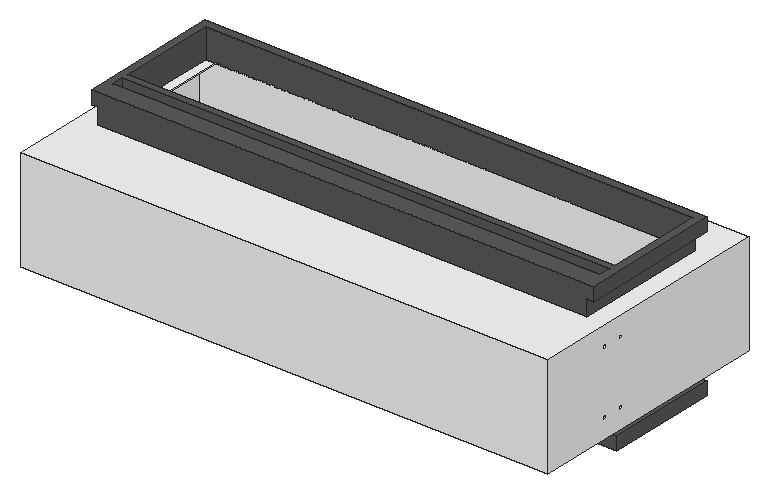
Revit family "C Series - C820STIO - Front Intake", category Generic Models, host Face, Revit 2019
Family settings
  Host = Face
  Can host rebar = No
  Round Connector Dimension = Use Diameter
  Part Type = Normal
  Cut with Voids When Loaded = Yes
  Shared = Yes
  Room Calculation Point = No
Parameters (values of type "As Specified")
  URL = "https://www.montigo.com/"
  Top Offset Right = 0"
  Top Offset Left = 0"
  Manufacturer Website = "https://www.montigo.com/"
  Manufacturer Phone - Toll Free = "800-378-3115"
  Manufacturer Phone = ""
  Manufacturer Fax = ""
  Manufacturer Address = "27342 Gloucester Way  Langley, BC, Canada   V4W 4A1"
  Manufacturer = "Montigo"
  Length = 108 3/16"
  Intake Duct Offset = 6"
  Height = 51 113/256"
  HVAC_Exit Diameter = 8"
  HVAC_Entry Diameter = 7"
  HVAC_BTU Output = 0.0 Btu/h
  HVAC_BTU Input = 0.0 Btu/h
  Glazing Tint = Glass - Montigo - Tint as Specified
  Frame Material = Metal - Montigo - Black
  Firebox Material = Metal - Montigo - White
  Fire Place Opening Length = 43"
  Fire Place Opening = 29"
  Description = "Montigo Fireplace as Specified"
  Depth = 20 225/256"
  Default Elevation = 48"
  COOLPack Consumption = 1200 CFM
  Base Offset Right = 9"
  Base Offset Left = 9"
  Base Offset = 1"
  Base Height = 15"
  Assembly Code = "D3020"
Reference planes (in)
  plane 1 "Center (Front/Back)": y = 0
  plane 2: z = 0
  plane 3 "Center (Left/Right)": x = 0
  plane 4: x = -54.09375
  plane 5: x = 54.09375
  plane 6: y = 25.7207
  plane 7: y = -25.7207
  plane 8: y = -10.7207
  plane 9: z = 0
  plane 10: z = -20.87891
  plane 11: z = -10.43945
  plane 12: x = -51.5
  plane 13: x = 51.5
  plane 14: y = 18.2793
Forms (in)
  Extrusion 1, solid, material "Metal - Montigo - White" <- "Firebox Material"
    sketch origin (-60.41868, -180, 0) x (-1, 0, 0) y (0, -1, 0)
      loop
        line (-6.32493, -205.7207) -> (-6.32493, -154.2793) -> (-114.51243, -154.2793) -> (-114.51243, -205.7207) -> (-6.32493, -205.7207)
    from 0 to -20.87891
  Extrusion 2, solid, material "Metal - Montigo - Black" <- "Frame Material"
    sketch origin (-60.41868, -180, 0) x (-1, 0, 0) y (0, -1, 0)
      loop
        line (-8.91868, -198.2793) -> (-8.91868, -169.2793) -> (-111.91868, -169.2793) -> (-111.91868, -198.2793) -> (-8.91868, -198.2793)
    from 0 to 6
  Sweep 3, void
    path in 3D
      loop
        line (51.5, -10.7207, 6) -> (51.5, 18.2793, 6) -> (-51.5, 18.2793, 6) -> (-51.5, -10.7207, 6)
    profile origin (51.5, 3.7793, 6) x (-1, 0, 0) y (0, 0, 1)
      loop
        line (0, -6) -> (1.375, -6) -> (1.375, -2.75) -> (0, -2.75) -> (0, -6)
  Extrusion 4, void
    sketch origin (-60.41868, -180, 0) x (0, -1, 0) y (-1, 0, 0)
      loop
        line (-196.7168, -8.91868) -> (-196.7168, -111.91868) -> (-176.7168, -111.91868) -> (-176.7168, -8.91868) -> (-196.7168, -8.91868)
    from 0.125 to 20.75
  Extrusion 5, void
    sketch origin (-60.41868, -180, 0) x (0, -1, 0) y (-1, 0, 0)
      loop
        line (-196.7168, -10.41868) -> (-196.7168, -110.41868) -> (-176.7168, -110.41868) -> (-176.7168, -10.41868) -> (-196.7168, -10.41868)
    from -6 to 0
  Extrusion 6, void
    sketch origin (-60.41868, -180, 0) x (0, -1, 0) y (-1, 0, 0)
      loop
        line (-196.7168, -12.41868) -> (-196.7168, -108.41868) -> (-176.7168, -108.41868) -> (-176.7168, -12.41868) -> (-196.7168, -12.41868)
    from -1 to 1
  Extrusion 7, void
    sketch origin (-60.41868, -180, 0) x (0, -1, 0) y (-1, 0, 0)
      loop
        line (-175.2168, -10.41868) -> (-175.2168, -110.41868) -> (-172.8418, -110.41868) -> (-172.8418, -10.41868) -> (-175.2168, -10.41868)
    from -6 to -3.25
  Extrusion 8, void
    sketch origin (0, -1.69589, -0.88973) x (0, 1, 0) y (0, 0, 1)
      loop
        circle (-9.46231, -16.05168) r 0.4375
      loop
        circle (-5.46231, -16.05168) r 0.4375
      loop
        circle (-9.46231, -3.05168) r 0.4375
      loop
        circle (-5.46231, -3.05168) r 0.4375
    from 54.09375 to 53.46962
  Extrusion 9, solid, material "Metal - Montigo - Black" <- "Frame Material"
    sketch origin (-60.41868, -180, -20.87891) x (0, 1, 0) y (1, 0, 0)
      loop
        line (198.2793, 8.91868) -> (198.2793, 111.91868) -> (175.2793, 111.91868) -> (175.2793, 8.91868) -> (198.2793, 8.91868)
    from 0 to 6
  Extrusion 10, void
    sketch origin (-60.41868, -180, -20.87891) x (1, 0, 0) y (0, 1, 0)
      loop
        line (10.41868, 196.7168) -> (10.41868, 176.7168) -> (110.41868, 176.7168) -> (110.41868, 196.7168) -> (10.41868, 196.7168)
    from -6 to 0
  Sweep 11, void
    path in 3D
      loop
        line (51.5, -10.7207, -26.87891) -> (51.5, 18.2793, -26.87891) -> (-51.5, 18.2793, -26.87891) -> (-51.5, -10.7207, -26.87891)
    profile origin (51.5, 3.7793, -26.87891) x (1, 0, 0) y (0, 0, -1)
      loop
        line (0, -6) -> (0, -2.75) -> (-1.375, -2.75) -> (-1.375, -6) -> (0, -6)
  Extrusion 12, void
    sketch origin (-60.41868, -180, -20.87891) x (1, 0, 0) y (0, 1, 0)
      loop
        line (12.41868, 196.7168) -> (12.41868, 176.7168) -> (108.41868, 176.7168) -> (108.41868, 196.7168) -> (12.41868, 196.7168)
    from -1 to 1
Cuts and joins
  Sweep 3, Extrusion 4, Extrusion 5, Extrusion 7, Extrusion 10, Sweep 11, Extrusion 12 cuts Extrusion 2
  Extrusion 4, Extrusion 5, Extrusion 6, Extrusion 7, Extrusion 8, Extrusion 10, Sweep 11, Extrusion 12 cuts Extrusion 1
  Extrusion 10, Sweep 11 cuts Extrusion 9
Lines and regions (in)
  symbolic lines
    curve 1: line (50.125, 53.21644, 0) -> (50.125, 49.96644, 0)
    curve 2: line (50.125, 49.96644, 0) -> (51.5, 49.96644, 0)
    curve 6: line (-50, -7.1582, 0) -> (50, -7.1582, 0)
    curve 7: line (50, -4.7832, 0) -> (-50, -4.7832, 0)
    curve 8: line (-50, -4.7832, 0) -> (-50, -7.1582, 0)
    curve 9: line (50, -4.7832, 0) -> (50, -7.1582, 0)
    curve 10: line (50, 16.7168, 0) -> (50, -3.2832, 0)
    curve 11: line (-50, -3.2832, 0) -> (-50, 16.7168, 0)
  sketch lines
    curve 3: line (51.5, -10.7207, 6) -> (51.5, 18.2793, 6)
    curve 4: line (51.5, 18.2793, 6) -> (-51.5, 18.2793, 6)
    curve 5: line (-51.5, 18.2793, 6) -> (-51.5, -10.7207, 6)
    curve 12: line (51.5, -10.7207, -26.87891) -> (51.5, 18.2793, -26.87891)
    curve 13: line (51.5, 18.2793, -26.87891) -> (-51.5, 18.2793, -26.87891)
    curve 14: line (-51.5, 18.2793, -26.87891) -> (-51.5, -10.7207, -26.87891)
Dimensions and locks (in)
  equal spacing: plane 4, plane 3 "Center (Left/Right)", plane 5
  "Length": plane 4 to plane 5
  equal spacing: plane 7, plane 1 "Center (Front/Back)", plane 6
  "Height": plane 7 to plane 6
  "Base Height": plane 7 to plane 8
  "Depth": plane 9 to plane 10
  equal spacing: plane 9, plane 11, plane 10
  locked: plane 4 to plane 12 at 2.59375
  locked: plane 13 to plane 5 at 2.59375
  "Fire Place Opening": plane 8 to plane 14
  locked: Extrusion 4 sketch curve to plane 8 at 7.4375
  locked: Extrusion 4 sketch curve to plane 14 at 1.5625
  locked: plane 8 to cut or joined group 1 (Extrusion 1, Extrusion 4, Extrusion 5, Extrusion 6, Extrusion 7, Extrusion 8, Extrusion 10, Sweep 11, Extrusion 12) at 7.4375
  locked: cut or joined group 1 to plane 14 at 1.5625
  locked: plane 12 to Extrusion 5 sketch curve at 1.5
  locked: Extrusion 5 sketch curve to plane 13 at 1.5
  locked: plane 12 to Extrusion 6 sketch curve at 3.5
  locked: Extrusion 6 sketch curve to plane 13 at 3.5
  locked: Extrusion 6 sketch curve to plane 14 at 1.5625
  locked: Extrusion 6 sketch curve to plane 8 at 7.4375
  locked: plane 12 to Extrusion 7 sketch curve at 1.5
  locked: Extrusion 7 sketch curve to plane 13 at 1.5
  locked: plane 8 to Extrusion 7 sketch curve at 5.9375
  locked: plane 8 to Extrusion 7 sketch curve at 3.5625
  locked: cut or joined group 1 to plane 5 at 0.62413
  aligned and locked: plane 2 to host face
  aligned and locked: level to host face
  aligned and locked: plane 6 to Extrusion 1 sketch curve
  aligned and locked: Extrusion 1 to plane 10
  aligned and locked: plane 5 to Extrusion 1
  aligned and locked: Extrusion 1 sketch curve to plane 7
  aligned and locked: plane 9 to level
  aligned and locked: plane 14 to Extrusion 2 sketch curve
  aligned and locked: plane 12 to Extrusion 2 sketch curve
  aligned and locked: Extrusion 2 sketch curve to plane 8
  aligned and locked: plane 13 to Extrusion 2 sketch curve
  aligned and locked: Extrusion 2 to level
  aligned and locked: plane 12 to Extrusion 4 sketch curve
  aligned and locked: plane 13 to Extrusion 4 sketch curve
  aligned and locked: Extrusion 2 to Extrusion 5
  aligned and locked: Extrusion 5 to level
  aligned and locked: Extrusion 2 to Extrusion 7
  aligned and locked: Extrusion 7 to Sweep 3
  aligned and locked: Extrusion 8 to cut or joined group 1
  aligned and locked: Extrusion 10 to Extrusion 9
Automatic sketch dimensions
  host sketch curve to host sketch curve = 96"  (x2)
  Extrusion 1 sketch curve to plane 5 = 0"
  Extrusion 1 sketch curve to plane 4 = 0"
  curve 2 to plane 13 = 0"
  plane 13 to curve 2 = 1 3/8"
  plane 13 to curve 6 = 1 1/2"
  plane 12 to curve 8 = 1 1/2"
  curve 2 to plane 6 = 24.24574"
  plane 1 "Center (Front/Back)" to curve 7 = 4.7832"
  curve 7 to curve 8 = 2 3/8"
  plane 13 to curve 10 = 1 1/2"
  curve 11 to curve 7 = 0"
  curve 1 to curve 1 = 3 1/4"
  plane 14 to curve 10 = 1 9/16"
  plane 14 to curve 11 = 1 9/16"
  curve 11 to curve 7 = 1 1/2"
  curve 10 to curve 7 = 1 1/2"
  Sweep 3 sketch curve to profile plane = 0"
  Sweep 3 sketch curve to Sweep 3 sketch curve = 1 3/8"
  Sweep 3 sketch curve to profile plane = 6"
  Sweep 3 sketch curve to profile plane = 2 3/4"
  plane 14 to Extrusion 5 sketch curve = 1 9/16"
  plane 1 "Center (Front/Back)" to Extrusion 5 sketch curve = 3.2832"
  plane 8 to Extrusion 8 sketch curve = 7/16"  (x2)
  Extrusion 8 sketch curve to plane 8 = 3 9/16"  (x2)
  plane 10 to Extrusion 8 sketch curve = 3 15/16"  (x2)
  Extrusion 8 sketch curve to level = 3 241/256"  (x2)
  Extrusion 9 sketch curve to plane 8 = 6"
  Extrusion 9 sketch curve to plane 12 = 0"
  plane 14 to Extrusion 9 sketch curve = 0"
  Extrusion 9 sketch curve to plane 13 = 0"
  plane 12 to Extrusion 10 sketch curve = 1 1/2"
  plane 13 to Extrusion 10 sketch curve = 1 1/2"
  plane 1 "Center (Front/Back)" to Extrusion 10 sketch curve = 3.2832"
  plane 14 to Extrusion 10 sketch curve = 1 9/16"
  profile plane to Sweep 11 sketch curve = 0"
  Sweep 11 sketch curve to Sweep 11 sketch curve = 1 3/8"
  Sweep 11 sketch curve to profile plane = 6"
  Sweep 11 sketch curve to profile plane = 2 3/4"
  plane 12 to Extrusion 12 sketch curve = 3 1/2"
  plane 13 to Extrusion 12 sketch curve = 3 1/2"
  plane 1 "Center (Front/Back)" to Extrusion 12 sketch curve = 3.2832"
  plane 14 to Extrusion 12 sketch curve = 1 9/16"
  radius of Extrusion 8 sketch curve = 7/16"  (x4)
